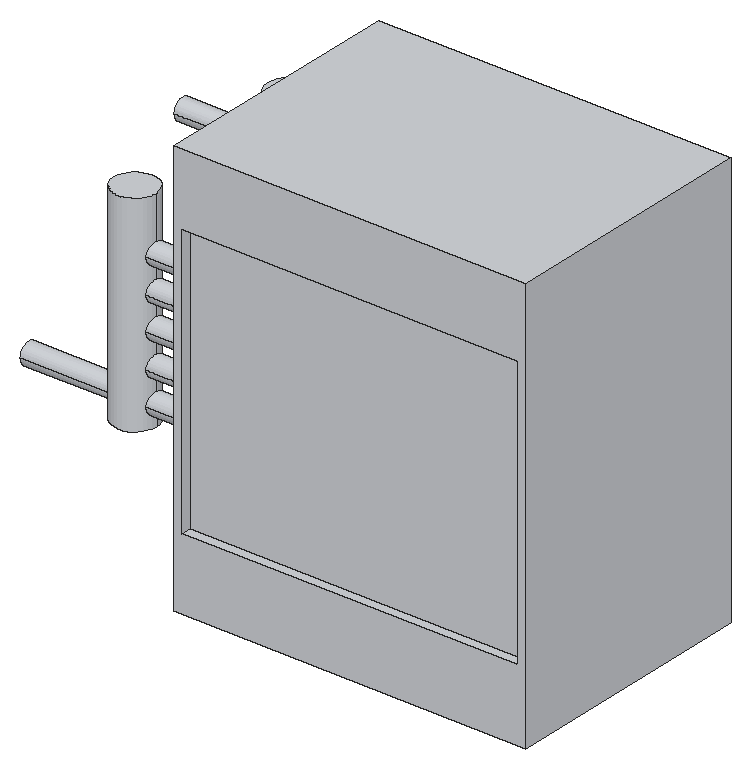
Revit family "M_Serpentina AHU - Refrigerante - Interior", category Equipamento mecânico, Revit 2019
Family settings
  Cota do conector redondo = Usar raio
  Tipo de parte = Normal
  Número OmniClass = 23.75.35.14
  Título OmniClass = Air Handling Units
  ID de item do Seek = AHU Coil - Refrigerant - Indoor-0000-USA-ENU
  Com base no plano de trabalho = Não
  Sempre na vertical = Sim
  Corte com vazios quando carregada = Não
  Compartilhado = Não
  Ponto de cálculo do ambiente = Não
Parameters (values of type "0,3 metros quadrados")
  Queda de pressão da água [instance] = 39817.0 Pa
  Altura 2 = 152 mm
  Altura 1 = 203 mm
  Largura do duto = 800 mm
  Altura do duto = 650 mm
  Raio da drenagem = 25 mm
  Fluxo de ar [instance] = 787.0 L/s
  Raio 2 = Raio da água + 25.4 mm  # 50.4 mm
  Raio 1 = Raio 2 / 2  # 25.2 mm
  Largura do duto 3 = Comprimento da serpentina * 0.1  # 83.8 mm
  Largura do duto 1 = Comprimento da serpentina * 0.08  # 67.04 mm
  Altura da serpentina = 991 mm
  Comprimento da serpentina = 838 mm
  Fluxo da drenagem [instance] = 0.0 L/s
  Largura da serpentina = 610 mm
  Material da serpentina = none
  Raio da água = 25 mm
  Fluxo da água [instance] = 1.0 L/s
  Diâmetro da água = Raio da água * 2  # 50 mm
  Queda de pressão do ar [instance] = 192.0 Pa
Types (17, lengths in mm): name | Queda de pressão da água | Altura 2 | Altura 1 | Largura do duto | Altura do duto | Fluxo de ar | Raio 2 | Raio 1 | Largura do duto 3 | Largura do duto 1 | Altura da serpentina | Comprimento da serpentina | Raio da água | Fluxo da água | Diâmetro da água
  (no name) | 39817.0 Pa | 152 | 203 | 800 | 650 | 787.0 L/s | 50.4 | 25.2 | 83.8 | 67.04 | 991 | 838 | 25 | 1.0 L/s | 50
  0,3 metros quadrados | 39817.0 Pa | 152 | 203 | 800 | 650 | 787.0 L/s | 50.4 | 25.2 | 83.8 | 67.04 | 991 | 838 | 25 | 1.0 L/s | 50
  0,6 metros quadrados | 19905.0 Pa | 152 | 203 | 1100 | 700 | 1337.0 L/s | 50.4 | 25.2 | 116.8 | 93.44 | 991 | 1168 | 25 | 3.0 L/s | 50
  0,7 metros quadrados | 24883.0 Pa | 305 | 432 | 1200 | 800 | 1770.0 L/s | 50.4 | 25.2 | 137.2 | 109.76 | 1067 | 1372 | 25 | 4.0 L/s | 50
  0,9 metros quadrados | 37328.0 Pa | 305 | 432 | 1500 | 850 | 2301.0 L/s | 50.4 | 25.2 | 170.2 | 136.16 | 1067 | 1702 | 25 | 5.0 L/s | 50
  1,1 metros quadrados | 42306.0 Pa | 305 | 432 | 1600 | 950 | 2812.0 L/s | 50.4 | 25.2 | 170.2 | 136.16 | 1245 | 1702 | 25 | 6.0 L/s | 50
  1,3 metros quadrados | 42306.0 Pa | 305 | 432 | 1700 | 1000 | 3190.0 L/s | 50.4 | 25.2 | 182.9 | 146.32 | 1245 | 1829 | 25 | 7.0 L/s | 50
  1,6 metros quadrados | 54744.0 Pa | 305 | 432 | 1850 | 1100 | 3835.0 L/s | 50.4 | 25.2 | 200.7 | 160.56 | 1321 | 2007 | 25 | 8.0 L/s | 50
  2,0 metros quadrados | 59722.0 Pa | 305 | 432 | 1900 | 1250 | 4793.0 L/s | 50.4 | 25.2 | 200.7 | 160.56 | 1575 | 2007 | 25 | 10.0 L/s | 50
  2,3 metros quadrados | 74650.0 Pa | 305 | 432 | 1950 | 1400 | 5457.0 L/s | 57.4 | 28.7 | 218.4 | 174.72 | 1575 | 2184 | 32 | 12.0 L/s | 64
  2,8 metros quadrados | 37328.0 Pa | 305 | 432 | 2300 | 1400 | 6784.0 L/s | 57.4 | 28.7 | 264.2 | 211.36 | 1575 | 2642 | 32 | 12.0 L/s | 64
  3,3 metros quadrados | 37328.0 Pa | 305 | 432 | 2400 | 1550 | 8495.0 L/s | 57.4 | 28.7 | 276.9 | 221.52 | 1854 | 2769 | 32 | 14.0 L/s | 64
  3,7 metros quadrados | 44788.0 Pa | 305 | 432 | 2750 | 1550 | 9439.0 L/s | 57.4 | 28.7 | 281.9 | 225.52 | 2007 | 2819 | 32 | 16.0 L/s | 64
  4,6 metros quadrados | 57233.0 Pa | 305 | 432 | 3000 | 1850 | 11760.0 L/s | 57.4 | 28.7 | 307.3 | 245.84 | 2261 | 3073 | 32 | 19.0 L/s | 64
  6,1 metros quadrados | 57233.0 Pa | 305 | 432 | 3500 | 2300 | 14316.0 L/s | 57.4 | 28.7 | 358.1 | 286.48 | 2642 | 3581 | 32 | 18.0 L/s | 64
  7,4 metros quadrados | 74650.0 Pa | 305 | 432 | 3500 | 2750 | 22224.0 L/s | 57.4 | 28.7 | 358.1 | 286.48 | 2870 | 3581 | 32 | 26.0 L/s | 64
  9,3 metros quadrados | 74650.0 Pa | 305 | 432 | 3850 | 3000 | 25002.0 L/s | 57.4 | 28.7 | 393.7 | 314.96 | 3124 | 3937 | 32 | 32.0 L/s | 64
Reference planes
  plane 1 "Centro (Frente/Trás)": y = 0
  plane 2: z = 0
  plane 3 "Centro (Esquerda/Direita)": x = 0
  plane 4: x = -419
  plane 5: x = 419
  plane 6: y = 305
  plane 7: y = 610
  plane 8: y = 584.6
  plane 9: y = 534.2
  plane 10: y = 25.4
  plane 11: y = 75.8
  plane 12: z = 991
  plane 13: z = 820.5
  plane 14: z = 170.5
  plane 15: x = 400
  plane 16: x = -400
  plane 17: x = -520.6
  plane 18: x = -571
  plane 19: x = -621.4
  plane 20: x = -824.6
  plane 21: z = 322.5
  plane 22: z = 161.25
  plane 23: z = 373.5
  plane 24: z = 453.5
  plane 25: z = 533.5
  plane 26: z = 613.5
  plane 27: z = 693.5
  plane 28: z = 495.5
Forms (mm)
  Extrusion 1, solid, material <- "Material da serpentina"
    sketch origin (0, 0, 0) x (1, 0, 0) y (0, 0, 1)
      loop
        line (-419, 991) -> (-419, 0) -> (419, 0) -> (419, 991) -> (-419, 991)
    from -610 to 0
  Extrusion 2, void
    sketch origin (0, 0, 0) x (1, 0, 0) y (0, 1, 0)
      loop
        line (-400, 610) -> (-400, 584.6) -> (400, 584.6) -> (400, 610) -> (-400, 610)
      loop
        line (-400, 25.4) -> (-400, 0) -> (400, 0) -> (400, 25.4) -> (-400, 25.4)
    from 820.5 to 170.5
  Extrusion 3, solid, material <- "Material da serpentina"
    sketch origin (0, 0, 0) x (0, 1, 0) y (0, 0, 1)
      loop
        circle (305, 161.25) r 25
    from -520.6 to -419
  Extrusion 4, solid, material <- "Material da serpentina"
    sketch origin (0, 0, 0) x (0, 1, 0) y (0, 0, 1)
      loop
        circle (534.2, 693.5) r 25
      loop
        circle (534.2, 613.5) r 25
      loop
        circle (534.2, 533.5) r 25
      loop
        circle (534.2, 453.5) r 25
      loop
        circle (534.2, 373.5) r 25
      loop
        circle (75.8, 693.5) r 25
      loop
        circle (75.8, 613.5) r 25
      loop
        circle (75.8, 533.5) r 25
      loop
        circle (75.8, 453.5) r 25
      loop
        circle (75.8, 373.5) r 25
    from -571 to -419
  Extrusion 5, solid, material <- "Material da serpentina"
    sketch origin (0, 0, 0) x (1, 0, 0) y (0, 1, 0)
      loop
        circle (-571, 534.2) r 50.4
      loop
        circle (-571, 75.8) r 50.4
    from 322.5 to 820.5
  Extrusion 6, solid, material <- "Material da serpentina"
    sketch origin (0, 0, 0) x (0, 1, 0) y (0, 0, 1)
      loop
        circle (534.2, 693.5) r 25
      loop
        circle (75.8, 373.5) r 25
    from -824.6 to -571
Cuts and joins
  Extrusion 2 cuts Extrusion 1
  joined: Extrusion 1, Extrusion 3, Extrusion 4, Extrusion 5, Extrusion 6
Dimensions and locks
  equal spacing: plane 7, plane 6, plane 1 "Centro (Frente/Trás)"
  "Largura da serpentina": plane 7 to plane 1 "Centro (Frente/Trás)"
  equal spacing: plane 4, plane 3 "Centro (Esquerda/Direita)", plane 5
  "Comprimento da serpentina": plane 4 to plane 5
  locked: plane 7 to plane 8 at 25.4
  "Raio 2": plane 8 to plane 9
  locked: plane 1 "Centro (Frente/Trás)" to plane 10 at 25.4
  "Raio 2": plane 11 to plane 10
  "Altura da serpentina": plane 12 to plane 2
  locked: plane 4 to plane 17 at 101.6
  "Raio 2": plane 17 to plane 18
  "Raio 2": plane 18 to plane 19
  locked: plane 19 to plane 20 at 203.2
  "Altura 2": plane 21 to plane 14
  equal spacing: plane 21, plane 22, plane 2
  "Altura 1": plane 23 to plane 14
  equal spacing: plane 27, plane 26, plane 25, plane 24, plane 23
  locked: plane 13 to plane 27 at 127
  equal spacing: plane 16, plane 3 "Centro (Esquerda/Direita)", plane 15
  "Largura do duto": plane 16 to plane 15
  equal spacing: plane 12, plane 28, plane 2
  equal spacing: plane 13, plane 28, plane 14
  "Altura do duto": plane 13 to plane 14
  "Raio da drenagem": radius of Extrusion 3 sketch curve
  "Raio da água": radius of Extrusion 4 sketch curve  (x10)
  "Raio 2": radius of Extrusion 5 sketch curve  (x2)
  "Raio da água": radius of Extrusion 6 sketch curve  (x2)
  aligned and locked: plane 4 to Extrusion 1 sketch curve
  aligned and locked: Extrusion 1 sketch curve to plane 12
  aligned and locked: plane 2 to Extrusion 1 sketch curve
  aligned and locked: plane 5 to Extrusion 1 sketch curve
  aligned and locked: plane 7 to Extrusion 1
  aligned and locked: plane 1 "Centro (Frente/Trás)" to Extrusion 1
  aligned and locked: plane 16 to Extrusion 2 sketch curve
  aligned and locked: Extrusion 2 sketch curve to plane 7
  aligned and locked: plane 8 to Extrusion 2 sketch curve
  aligned and locked: Extrusion 2 sketch curve to plane 15
  aligned and locked: Extrusion 2 sketch curve to plane 10
  aligned and locked: plane 1 "Centro (Frente/Trás)" to Extrusion 2 sketch curve
  aligned and locked: plane 13 to Extrusion 2
  aligned and locked: Extrusion 2 to plane 14
  aligned and locked: plane 6 to Extrusion 3 sketch curve
  aligned and locked: plane 22 to Extrusion 3 sketch curve
  aligned and locked: plane 9 to Extrusion 4 sketch curve  (x5)
  aligned and locked: plane 27 to Extrusion 4 sketch curve  (x2)
  aligned and locked: plane 26 to Extrusion 4 sketch curve  (x2)
  aligned and locked: plane 25 to Extrusion 4 sketch curve  (x2)
  aligned and locked: plane 24 to Extrusion 4 sketch curve  (x2)
  aligned and locked: plane 23 to Extrusion 4 sketch curve  (x2)
  aligned and locked: plane 11 to Extrusion 4 sketch curve  (x5)
  aligned and locked: plane 4 to Extrusion 4
  aligned and locked: Extrusion 3 to plane 17
  aligned and locked: plane 4 to Extrusion 3
  aligned and locked: plane 18 to Extrusion 5 sketch curve  (x2)
  aligned and locked: plane 11 to Extrusion 5 sketch curve
  aligned and locked: plane 9 to Extrusion 5 sketch curve
  aligned and locked: plane 13 to Extrusion 5
  aligned and locked: Extrusion 5 to plane 21
  aligned and locked: Extrusion 4 to plane 18
  aligned and locked: plane 11 to Extrusion 6 sketch curve
  aligned and locked: plane 23 to Extrusion 6 sketch curve
  aligned and locked: plane 9 to Extrusion 6 sketch curve
  aligned and locked: plane 27 to Extrusion 6 sketch curve
  aligned and locked: Extrusion 6 to plane 20
  aligned and locked: plane 18 to Extrusion 6
Automatic sketch dimensions
  Extrusion 2 sketch curve to plane 16 = 0 mm
  Extrusion 2 sketch curve to plane 15 = 0 mm
  Extrusion 2 sketch curve to plane 1 "Centro (Frente/Trás)" = 0 mm
Connectors
  hvac at (0, 0, 495.5), driven by "Fluxo de ar", driven by "Altura do duto", driven by "Largura do duto"
    settings: on cut or joined group of Extrusion 1, Extrusion 2, Extrusion 3, Extrusion 4, Extrusion 5, Extrusion 6, index 1, duct flow 787.0 L/s, flow factor 0, pres drop 0.0 Pa, loss coef 0, conn angle 0.00°, conn width 800 mm, conn height 650 mm, conn diameter 609.6 mm, duct sys type 1, conn prof type 1, flow config 0, flow direction 0, loss method 4, conn ref index 2, conn util no, is conn primary yes, conn desc ""
  hvac at (0, 610, 495.5), driven by "Queda de pressão do ar", driven by "Fluxo de ar", driven by "Altura do duto", driven by "Largura do duto"
    settings: on cut or joined group of Extrusion 1, Extrusion 2, Extrusion 3, Extrusion 4, Extrusion 5, Extrusion 6, index 2, duct flow 787.0 L/s, flow factor 0, pres drop 192.0 Pa, loss coef 0, conn angle 0.00°, conn width 800 mm, conn height 650 mm, conn diameter 609.6 mm, duct sys type 1, conn prof type 1, flow config 0, flow direction 0, loss method 4, conn ref index 1, conn util no, is conn primary no, conn desc ""
  piping at (-824.6, 534.2, 693.5), diameter 50, driven by "Fluxo da água", driven by "Queda de pressão da água", driven by "Raio da água"
    settings: on cut or joined group of Extrusion 1, Extrusion 2, Extrusion 3, Extrusion 4, Extrusion 5, Extrusion 6, index 3, connector inside diameter 50 mm, connector length 0 mm, flow factor 0, pipe flow 1.0 L/s, pressure drop 39817.0 Pa, fitting loss kfactor 0, connector angle 0.00°, fixture units 0, engagement length 0 mm, angle of deflection 0.00°, flow configuration 1, flow direction 2, fitting loss method 4, system type 8, joint type 0, gender type 0, connector reference index 4, connector utility 0, adjustable connector no, is connector primary yes, connector description "Saída de água"
  piping at (-824.6, 75.8, 373.5), diameter 50, driven by "Raio da água", driven by "Fluxo da água"
    settings: on cut or joined group of Extrusion 1, Extrusion 2, Extrusion 3, Extrusion 4, Extrusion 5, Extrusion 6, index 4, connector inside diameter 50 mm, connector length 0 mm, flow factor 0, pipe flow 1.0 L/s, pressure drop 0.0 Pa, fitting loss kfactor 0, connector angle 0.00°, fixture units 0, engagement length 0 mm, angle of deflection 0.00°, flow configuration 1, flow direction 1, fitting loss method 4, system type 7, joint type 0, gender type 0, connector reference index 3, connector utility 0, adjustable connector no, is connector primary no, connector description "Entrada de água"
  piping at (-520.6, 305, 161.25), diameter 50, driven by "Raio da drenagem", driven by "Fluxo da drenagem"
    settings: on cut or joined group of Extrusion 1, Extrusion 2, Extrusion 3, Extrusion 4, Extrusion 5, Extrusion 6, index 5, connector inside diameter 50 mm, connector length 0 mm, flow factor 0, pipe flow 0.0 L/s, pressure drop 0.0 Pa, fitting loss kfactor 0, connector angle 0.00°, fixture units 0, engagement length 0 mm, angle of deflection 0.00°, flow configuration 1, flow direction 2, fitting loss method 0, system type 16, joint type 0, gender type 0, connector reference index -1, connector utility 0, adjustable connector no, is connector primary no, connector description "Saída da drenagem"
